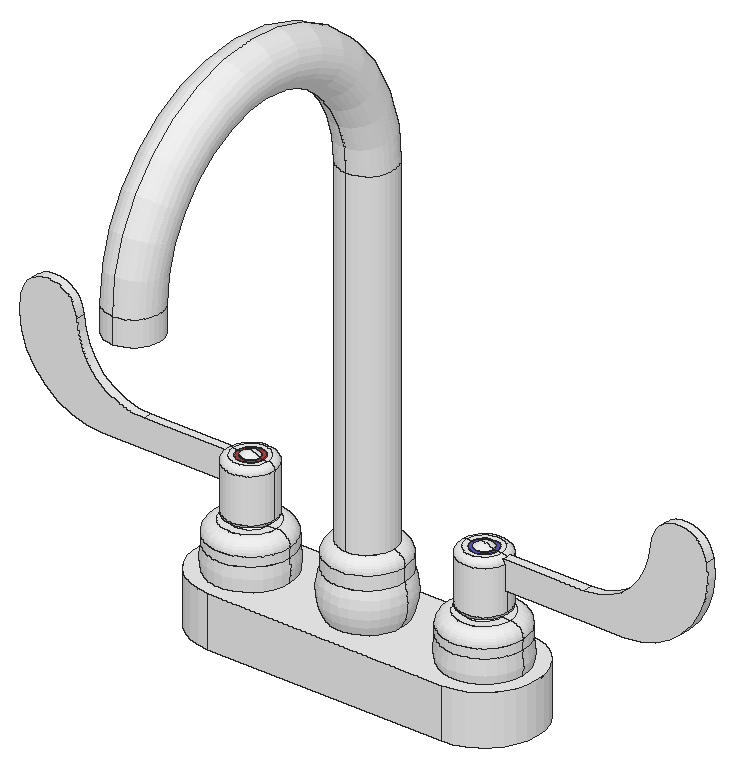
Revit family "Faucet-Centerset-American_Standard-Monterrey-7500.180.002", category Plumbing Fixtures, Revit 2018
Family settings
  Round Connector Dimension = Use Diameter
  Part Type = Normal
  OmniClass Number = 23.45.55.17
  OmniClass Title = Mixing Faucets
  Work Plane-Based = Yes
  Always vertical = No
  Cut with Voids When Loaded = No
  Shared = Yes
  Room Calculation Point = No
Parameters (values of type "7500.180.002")
  Width = 11 3/4"  # constant formula
  Waste Connection = no
  Warranty Information = "Commercial 2-yr Limited Warranty"
  WFU = 2  # constant formula
  Vent Connection = no
  URL = "http://www.americanstandard-us.com"
  Spout Reach = 5"  # constant formula
  Revised Date = "05/03/2021"  # constant formula
  Product Page URL = "https://www.americanstandard-us.com/bathroom/commercial-faucets/monterrey-4-inch-centerset-gooseneck-faucet-15-gpm-laminar-flow-in-spout-base-5-inch-spout-rea-20457"
  Product Documentation Link = "https://americanstandard.box.com/shared/static/5osftymzpkuj8q70a78a1f13iwms98eu.pdf"
  Price = "Prices may vary. Please consult Manufacturer Representative for most up-to-date price list."  # constant formula
  Model = "7500.180.002"
  Material = "Cast Brass-American Standard-002-Polished Chrome"
  Manufacturer = "American Standard"  # constant formula
  Length = 6 3/8"  # constant formula
  Installation Type = "Deck Mounted"  # constant formula
  IAPMO Compliance = "Product meet or exceeds ANSI 117.1 , ASME A112.18.1, CSA B 125, NSF 372"  # constant formula
  Hot Water Connection Diameter = 1/2"  # constant formula
  Height = 10 3/4"  # constant formula
  HWFU = 1.5  # constant formula
  HW Connection = yes
  Flow Rate = "1.5 gpm (5.7lpm)"
  Finish = Cast Brass-American Standard-002-Polished Chrome
  Description = "Monterrey 4 Inch Centerset Gooseneck Faucet, 1.5 gpm Laminar Flow in Spout Base, 5 Inch Spout Reach"  # constant formula
  Default Elevation = 0"
  Creation Date = "09/23/2021"  # constant formula
  Cold Water Connection Diameter = 1/2"  # constant formula
  CWFU = 1.5  # constant formula
  CW Connection = yes
  Assembly Code = "D2020300"
  ADA Compliant = yes
  -L10 1.0 gpm (3.8 Lpm) PCA Non-Aerated Laminar Flow Outlet = no
Reference planes (in)
  plane 1 "Center (Front/Back)": y = 0
  plane 2: z = 0
  plane 3 "Center (Left/Right)": x = 0
  plane 4: x = -2
  plane 5: x = 2
  plane 6: x = -2.90625
  plane 7: x = 2.90625
  plane 8: y = 0.90625
  plane 9: y = -0.90625
  plane 10: x = -5.875
  plane 11: x = 5.875
  plane 12: z = 7.375
  plane 13: z = 10.75
  plane 14: y = -5
  plane 15: y = -5.46875
Forms (in)
  Extrusion 1, solid, material "Cast Brass-American Standard-002-Polished Chrome" <- "Finish", not visible
    sketch origin (0, 0, 0) x (1, 0, 0) y (0, 1, 0)
      loop
        circle (-2, 0) r 0.1875
      loop
        circle (2, 0) r 0.1875
    from 0 to 0.0625
  Extrusion 2, solid, material "Cast Brass-American Standard-002-Polished Chrome" <- "Finish"
    sketch origin (0, 0, 0) x (1, 0, 0) y (0, 1, 0)
      loop
        arc (-1.99741, 0.90625) -> (-2.90366, 0) -> (-1.99741, -0.90625) r 0.90625
        line (-1.99741, -0.90625) -> (2.00101, -0.90625)
        arc (2.00101, -0.90625) -> (2.90726, 0) -> (2.00101, 0.90625) r 0.90625
        line (2.00101, 0.90625) -> (-1.99741, 0.90625)
    from 0 to 0.85408
  Revolve 3, solid, material "Cast Brass-American Standard-002-Polished Chrome" <- "Finish"
    sketch origin (0, 0, 0) x (1, 0, 0) y (0, 0, 1)
      loop
        line (0, 0.6494) -> (0, 2) -> (-0.42788, 2)
        arc (-0.42788, 2) -> (-0.57822, 1.93773) -> (-0.64049, 1.78739) r 0.21261
        line (-0.64049, 1.78739) -> (-0.64049, 1.56166)
        arc (-0.64049, 1.56166) -> (-0.67961, 1.0766) -> (-0.44658, 0.6494) r 0.85112
        line (-0.44658, 0.6494) -> (0, 0.6494)
      axis (0, 0.6494) -> (0, 2)
    angle from 0 to 360
  Revolve 4, solid, material "Cast Brass-American Standard-002-Polished Chrome" <- "Finish"
    sketch origin (0, 0, 0) x (1, 0, 0) y (0, 0, 1)
      loop
        arc (-2.66962, 1.23822) -> (-2.67272, 0.84088) -> (-2.56022, 0.4598) r 1.35234
        line (-2.56022, 0.4598) -> (-2, 0.4598) -> (-2, 2.65775)
        arc (-2, 2.65775) -> (-2.08242, 2.63785) -> (-2.15203, 2.58943) r 0.22996
        line (-2.15203, 2.58943) -> (-2.15203, 2.5483) -> (-2.21896, 2.5483) -> (-2.21896, 2.58943) -> (-2.30405, 2.58943)
        arc (-2.30405, 2.58943) -> (-2.38083, 2.55762) -> (-2.41264, 2.48084) r 0.10859
        line (-2.41264, 2.48084) -> (-2.41264, 1.72789)
        arc (-2.41264, 1.72789) -> (-2.40154, 1.7011) -> (-2.37475, 1.69) r 0.03789
        line (-2.37475, 1.69) -> (-2.22198, 1.69) -> (-2.3028, 1.60918) -> (-2.45285, 1.60918)
        arc (-2.45285, 1.60918) -> (-2.60613, 1.54569) -> (-2.66962, 1.39241) r 0.21677
        line (-2.66962, 1.39241) -> (-2.66962, 1.23822)
      axis (-2, 0.4598) -> (-2, 2.65775)
    angle from 0 to 360
  Extrusion 5, solid, material "Cast Brass-American Standard-002-Polished Chrome" <- "Finish"
    sketch origin (0, 0, 0) x (1, 0, 0) y (0, 0, 1)
      loop
        line (-2, 2.5626) -> (-3.76385, 2.5626)
        arc (-3.76385, 2.5626) -> (-4.56318, 2.88517) -> (-4.91474, 3.67219) r 1.15166
        arc (-4.91474, 3.67219) -> (-5.36571, 4.13305) -> (-5.86718, 3.72771) r 0.47918
        arc (-5.86718, 3.72771) -> (-5.54118, 2.58523) -> (-4.46173, 2.08893) r 1.42206
        line (-4.46173, 2.08893) -> (-2, 2.08893) -> (-2, 2.5626)
      loop
        line (2, 2.5626) -> (2, 2.08893) -> (4.46173, 2.08893)
        arc (4.46173, 2.08893) -> (5.54118, 2.58523) -> (5.86718, 3.72771) r 1.42206
        arc (5.86718, 3.72771) -> (5.36571, 4.13305) -> (4.91474, 3.67219) r 0.47918
        arc (4.91474, 3.67219) -> (4.56318, 2.88517) -> (3.76385, 2.5626) r 1.15166
        line (3.76385, 2.5626) -> (2, 2.5626)
    from -0.07481 to 0.07481
  Sweep 6, solid, material "Cast Brass-American Standard-002-Polished Chrome" <- "Finish"
    path origin (0, 0, 0) x (0, 1, 0) y (0, 0, 1)
      loop
        line (0, 0.5) -> (0, 7.80322)
        arc (0, 7.80322) -> (-2.5, 10.30322) -> (-5, 7.80322) r 2.5
        line (-5, 7.80322) -> (-5, 7.375)
    profile origin (0, 0, 4.15161) x (0, -1, 0) y (1, 0, 0)
      loop
        circle (0, 0) r 0.45058
  Revolve 7, solid, material "Plastic-American Standard-Red"
    sketch origin (0, 0, 0) x (1, 0, 0) y (0, 0, 1)
      loop
        line (-2.21896, 2.58943) -> (-2.21896, 2.5483) -> (-2, 2.5483) -> (-2, 2.58943) -> (-2.21896, 2.58943)
      axis (-2, 2.58943) -> (-2, 2.5483)
    angle from 0 to 360
  Revolve 8, solid, material "Cast Brass-American Standard-002-Polished Chrome" <- "Finish"
    sketch origin (0, 0, 0) x (-1, 0, 0) y (0, 0, 1)
      loop
        arc (-2.66962, 1.23822) -> (-2.67272, 0.84088) -> (-2.56022, 0.4598) r 1.35234
        line (-2.56022, 0.4598) -> (-2, 0.4598) -> (-2, 2.65775)
        arc (-2, 2.65775) -> (-2.08242, 2.63785) -> (-2.15203, 2.58943) r 0.22996
        line (-2.15203, 2.58943) -> (-2.15203, 2.5483) -> (-2.21896, 2.5483) -> (-2.21896, 2.58943) -> (-2.30405, 2.58943)
        arc (-2.30405, 2.58943) -> (-2.38083, 2.55762) -> (-2.41264, 2.48084) r 0.10859
        line (-2.41264, 2.48084) -> (-2.41264, 1.72789)
        arc (-2.41264, 1.72789) -> (-2.40154, 1.7011) -> (-2.37475, 1.69) r 0.03789
        line (-2.37475, 1.69) -> (-2.22198, 1.69) -> (-2.3028, 1.60918) -> (-2.45285, 1.60918)
        arc (-2.45285, 1.60918) -> (-2.60613, 1.54569) -> (-2.66962, 1.39241) r 0.21677
        line (-2.66962, 1.39241) -> (-2.66962, 1.23822)
      axis (-2, 0.4598) -> (-2, 2.65775)
    angle from 0 to 360
  Revolve 9, solid, material "Plastic-American Standard-Blue"
    sketch origin (0, 0, 0) x (-1, 0, 0) y (0, 0, 1)
      loop
        line (-2.21896, 2.58943) -> (-2.21896, 2.5483) -> (-2, 2.5483) -> (-2, 2.58943) -> (-2.21896, 2.58943)
      axis (-2, 2.58943) -> (-2, 2.5483)
    angle from 0 to 360
Cuts and joins
  joined: Extrusion 2, Revolve 3, Revolve 4, Extrusion 5, Sweep 6
Lines and regions (in)
  Masking region 1
    outline origin (0, 0, 0) x (1, 0, 0) y (0, 1, 0)
      loop
        line (2.00169, 0.90245) -> (-1.99643, 0.90245)
        arc (-1.99643, 0.90245) -> (-2.60739, 0.66403) -> (-2.89539, 0.07481) r 0.90204
        line (-2.89539, 0.07481) -> (-5.875, 0.07481) -> (-5.875, -0.07481) -> (-2.89593, -0.07481)
        arc (-2.89593, -0.07481) -> (-2.61016, -0.66652) -> (-1.9984, -0.90636) r 0.90015
        line (-1.9984, -0.90636) -> (-0.45024, -0.90636) -> (-0.45024, -4.99104)
        arc (-0.45024, -4.99104) -> (0, -5.44127) -> (0.45024, -4.99104) r 0.45024
        line (0.45024, -4.99104) -> (0.45024, -0.90636) -> (1.99639, -0.90636)
        arc (1.99639, -0.90636) -> (2.61355, -0.66728) -> (2.90858, -0.07481) r 0.9161
        line (2.90858, -0.07481) -> (5.875, -0.07481) -> (5.875, 0.07481) -> (2.91005, 0.07481)
        arc (2.91005, 0.07481) -> (2.61612, 0.66451) -> (2.00169, 0.90245) r 0.9123
  symbolic lines, detail levels fine
    curve 1: arc (-2.67035, -0.07481, 0) -> (-1.32549, 0, 0) -> (-2.67035, 0.07481, 0) r 0.67451
    curve 5: arc (2.67035, -0.07481, 0) -> (1.32549, 0, 0) -> (2.67035, 0.07481, 0) r 0.67451
    curve 9: arc (-0.45024, -0.45554, 0) -> (0, 0.64049, 0) -> (0.45024, -0.45554, 0) r 0.64049
    curve 14: circle (2, 0, 0) r 0.3028 normal (0, 0, 1)
    curve 15: circle (-2, 0, 0) r 0.3028 normal (0, 0, 1)
  symbolic lines, detail levels medium+fine
    curve 2: line (-2.89539, 0.07481, 0) -> (-2.40755, 0.07481, 0)
    curve 3: line (-2.89495, -0.07481, 0) -> (-2.40755, -0.07481, 0)
    curve 4: circle (-2, 0, 0) r 0.41436 normal (0, 0, 1)
    curve 6: line (2.91005, 0.07481, 0) -> (2.40755, 0.07481, 0)
    curve 7: line (2.90858, -0.07481, 0) -> (2.40755, -0.07481, 0)
    curve 8: circle (2, 0, 0) r 0.41436 normal (0, 0, -1)
    curve 10: line (-0.45024, -0.90636, 0) -> (-0.45024, -0.00236, 0)
    curve 11: line (0.45024, -0.90636, 0) -> (0.45024, -0.00236, 0)
    curve 12: arc (-0.45024, -0.00236, 0) -> (0, 0.44788, 0) -> (0.45024, -0.00236, 0) r 0.45024
    curve 13: arc (0.45024, -0.51893, 0) -> (-0.00534, 0.7006, 0) -> (-0.45024, -0.52287, 0) r 0.69373
Dimensions and locks (in)
  equal spacing: plane 4, plane 3 "Center (Left/Right)", plane 5
  plane 4 to plane 5 = 4"
  equal spacing: plane 6, plane 3 "Center (Left/Right)", plane 7
  locked: plane 6 to plane 7 at 5.8125
  equal spacing: plane 8, plane 1 "Center (Front/Back)", plane 9
  locked: plane 8 to plane 9 at 1.8125
  equal spacing: Extrusion 5, plane 1 "Center (Front/Back)", Extrusion 5
  locked: Extrusion 5 to Extrusion 5 at 0.14962
  equal spacing: plane 10, plane 3 "Center (Left/Right)", plane 11
  "Width": plane 10 to plane 11
  plane 12 to level = 7 3/8"
  "Height": plane 13 to level
  "Spout Reach": plane 1 "Center (Front/Back)" to plane 14
  "Length": plane 15 to plane 8
  aligned and locked: plane 2 to level
  aligned and locked: plane 4 to Revolve 7 sketch curve
  aligned and locked: plane 5 to Revolve 8 sketch curve
Automatic sketch dimensions
  curve 1 to curve 4 = 0"  (x2)
  curve 1 to curve 15 = 0"  (x2)
  curve 4 to curve 15 = 0"  (x2)
  curve 5 to curve 8 = 0"  (x2)
  curve 5 to curve 14 = 0"  (x2)
  curve 8 to curve 14 = 0"  (x2)
  plane 1 "Center (Front/Back)" to curve 1 = 0"
  curve 1 to plane 4 = 0"
  plane 1 "Center (Front/Back)" to curve 9 = 0"
  curve 9 to plane 3 "Center (Left/Right)" = 0"
  curve 12 to plane 3 "Center (Left/Right)" = 0"
  plane 1 "Center (Front/Back)" to curve 5 = 0"
  curve 5 to plane 5 = 0"
  plane 1 "Center (Front/Back)" to curve 10 = 0.00236"
  curve 10 to curve 12 = 0.45024"
  curve 13 to plane 3 "Center (Left/Right)" = 0.00231"
  curve 13 to plane 1 "Center (Front/Back)" = 0.00687"
  plane 1 "Center (Front/Back)" to curve 3 = 0.07481"
  plane 4 to curve 3 = 0.40755"
  curve 2 to plane 1 "Center (Front/Back)" = 0.07481"
  curve 1 to plane 6 = 0.2359"
  curve 3 to plane 6 = 0.0113"
  curve 2 to plane 6 = 0.01086"
  curve 6 to plane 1 "Center (Front/Back)" = 0.07481"
  plane 5 to curve 6 = 0.40755"
  plane 1 "Center (Front/Back)" to curve 7 = 0.07481"
  curve 5 to plane 7 = 0.2359"
  plane 7 to curve 7 = 0.00233"
  plane 7 to curve 6 = 0.0038"
  curve 9 to plane 9 = 0.45071"
  curve 13 to curve 9 = 0.06339"
  plane 9 to curve 10 = 0.00011"
  plane 9 to curve 11 = 0.00011"
  plane 1 "Center (Front/Back)" to Extrusion 1 sketch curve = 0"  (x2)
  Extrusion 1 sketch curve to plane 4 = 0"
  Extrusion 1 sketch curve to plane 5 = 0"
  Extrusion 2 sketch curve to plane 8 = 0"
  plane 9 to Extrusion 2 sketch curve = 0"
  Extrusion 2 sketch curve to plane 4 = 0.00259"
  plane 5 to Extrusion 2 sketch curve = 0.00101"
  Revolve 3 sketch curve to plane 3 "Center (Left/Right)" = 0"  (x2)
  Revolve 3 sketch curve to Revolve 3 sketch curve = 0.42788"
  Revolve 3 sketch curve to Revolve 3 sketch curve = 0.44658"
  Revolve 3 sketch curve to Revolve 3 sketch curve = 0.21261"
  plane 3 "Center (Left/Right)" to Revolve 3 sketch curve = 0.15291"
  level to Revolve 3 sketch curve = 0.6494"
  Revolve 3 sketch curve to Revolve 3 sketch curve = 0.60417"
  Revolve 3 sketch curve to Revolve 3 sketch curve = 0.22573"
  Revolve 3 sketch curve to Revolve 3 sketch curve = 0.00886"
  Revolve 3 sketch curve to Revolve 3 sketch curve = 0.76242"
  plane 4 to Revolve 4 sketch curve = 0"  (x2)
  plane 4 to Revolve 4 sketch curve = 0.15203"
  Revolve 4 sketch curve to Revolve 4 sketch curve = 0.06693"
  plane 4 to Revolve 4 sketch curve = 0.22198"
  Revolve 4 sketch curve to Revolve 4 sketch curve = 0.08082"  (x2)
  Revolve 4 sketch curve to Revolve 4 sketch curve = 0.08509"
  Revolve 4 sketch curve to Revolve 4 sketch curve = 0.07195"
  Revolve 4 sketch curve to Revolve 4 sketch curve = 0.03789"
  Revolve 4 sketch curve to Revolve 4 sketch curve = 0.0781"
  Revolve 4 sketch curve to plane 6 = 0.34603"
  Revolve 4 sketch curve to plane 6 = 0.23663"
  Revolve 4 sketch curve to plane 4 = 0.01184"
  Revolve 4 sketch curve to plane 4 = 0.66645"
  level to Revolve 4 sketch curve = 0.4598"
  Revolve 4 sketch curve to Revolve 4 sketch curve = 0.56929"
  Revolve 4 sketch curve to Revolve 4 sketch curve = 0.15419"
  Revolve 4 sketch curve to Revolve 4 sketch curve = 0.73809"
  Revolve 4 sketch curve to Revolve 4 sketch curve = 0.05275"
  Revolve 4 sketch curve to Revolve 4 sketch curve = 0.04113"  (x2)
  Revolve 4 sketch curve to Revolve 4 sketch curve = 0.08867"
  Revolve 4 sketch curve to Revolve 4 sketch curve = 0.06275"
  plane 4 to Extrusion 5 sketch curve = 0"
  Extrusion 5 sketch curve to plane 5 = 0"
  plane 6 to Extrusion 5 sketch curve = 0.8576"
  Extrusion 5 sketch curve to Extrusion 5 sketch curve = 0.69788"  (x2)
  Extrusion 5 sketch curve to plane 10 = 0.4814"
  plane 7 to Extrusion 5 sketch curve = 0.8576"
  Extrusion 5 sketch curve to plane 11 = 0.4814"
  level to Extrusion 5 sketch curve = 2.08893"  (x2)
  Extrusion 5 sketch curve to Extrusion 5 sketch curve = 0.47366"  (x2)
  Extrusion 5 sketch curve to Extrusion 5 sketch curve = 0.94839"  (x2)
  Extrusion 5 sketch curve to Extrusion 5 sketch curve = 0.14369"  (x2)
  Extrusion 5 sketch curve to Extrusion 5 sketch curve = 0.20327"  (x2)
  Extrusion 5 sketch curve to Extrusion 5 sketch curve = 0"  (x2)
  Sweep 6 sketch curve to plane 14 = 0"
  Sweep 6 sketch curve to plane 1 "Center (Front/Back)" = 0"
  Sweep 6 sketch curve to plane 12 = 0"
  Sweep 6 sketch curve to Sweep 6 sketch curve = 0.42822"
  level to Sweep 6 sketch curve = 1/2"
  Sweep 6 sketch curve to profile plane = 0"  (x2)
  Masking region 1 sketch curve to plane 10 = 0"
  Masking region 1 sketch curve to plane 3 "Center (Left/Right)" = 0"
  Masking region 1 sketch curve to plane 11 = 0"
  Masking region 1 sketch curve to plane 6 = 0.01032"
  Masking region 1 sketch curve to plane 6 = 0.01086"
  plane 9 to Masking region 1 sketch curve = 0.00011"  (x2)
  Masking region 1 sketch curve to plane 4 = 0.0016"
  Masking region 1 sketch curve to plane 1 "Center (Front/Back)" = 0.00041"
  Masking region 1 sketch curve to plane 4 = 0.00357"
  Masking region 1 sketch curve to plane 3 "Center (Left/Right)" = 0.45024"
  Masking region 1 sketch curve to plane 5 = 0.00361"
  plane 5 to Masking region 1 sketch curve = 0.00169"
  plane 7 to Masking region 1 sketch curve = 0.00233"
  plane 7 to Masking region 1 sketch curve = 0.0038"
  plane 14 to Masking region 1 sketch curve = 0.00896"
  plane 1 "Center (Front/Back)" to Masking region 1 sketch curve = 0.07481"  (x2)
  plane 1 "Center (Front/Back)" to Masking region 1 sketch curve = 0.00985"
  Masking region 1 sketch curve to plane 1 "Center (Front/Back)" = 0.07481"
  plane 4 to Revolve 7 sketch curve = 0"
  Revolve 7 sketch curve to Revolve 7 sketch curve = 0.21896"
  level to Revolve 7 sketch curve = 2.5483"
  Revolve 7 sketch curve to Revolve 7 sketch curve = 0.04113"
  Revolve 7 sketch curve to Revolve 7 sketch curve = 0.31674"
  Revolve 7 sketch curve to Revolve 7 sketch curve = 0.29015"
  Revolve 8 sketch curve to plane 5 = 0"
  Revolve 8 sketch curve to plane 5 = 0.15203"
  Revolve 8 sketch curve to Revolve 8 sketch curve = 0.06693"
  Revolve 8 sketch curve to plane 5 = 0.22198"
  Revolve 8 sketch curve to Revolve 8 sketch curve = 0.08082"  (x2)
  Revolve 8 sketch curve to Revolve 8 sketch curve = 0.08509"
  Revolve 8 sketch curve to Revolve 8 sketch curve = 0.07195"
  Revolve 8 sketch curve to Revolve 8 sketch curve = 0.03789"
  Revolve 8 sketch curve to Revolve 8 sketch curve = 0.0781"
  plane 7 to Revolve 8 sketch curve = 0.34603"
  plane 7 to Revolve 8 sketch curve = 0.23663"
  plane 5 to Revolve 8 sketch curve = 0.01184"
  plane 5 to Revolve 8 sketch curve = 0.66645"
  Revolve 8 sketch curve to level = 0.4598"
  Revolve 8 sketch curve to Revolve 8 sketch curve = 0.56929"
  Revolve 8 sketch curve to Revolve 8 sketch curve = 0.15419"
  Revolve 8 sketch curve to Revolve 8 sketch curve = 0.73809"
  Revolve 8 sketch curve to Revolve 8 sketch curve = 0.05275"
  Revolve 8 sketch curve to Revolve 8 sketch curve = 0.04113"  (x2)
  Revolve 8 sketch curve to Revolve 8 sketch curve = 0.08867"
  Revolve 8 sketch curve to Revolve 8 sketch curve = 0.06275"
  Revolve 9 sketch curve to plane 5 = 0"  (x2)
  Revolve 9 sketch curve to plane 5 = 0.21896"
  Revolve 9 sketch curve to level = 2.5483"
  Revolve 9 sketch curve to Revolve 9 sketch curve = 0.04113"
  Revolve 9 sketch curve to Revolve 9 sketch curve = 0.31674"
  Revolve 9 sketch curve to Revolve 9 sketch curve = 0.29015"
  radius of curve 14 = 0.3028"
  radius of curve 15 = 0.3028"
  radius of Extrusion 1 sketch curve = 3/16"  (x2)
  radius of Sweep 6 sketch curve = 0.45058"
Connectors (in)
  piping at (2, 0, 0), diameter 0.5, driven by "CWFU", driven by "Cold Water Connection Diameter"
    settings: on Extrusion 1, index 1, connector inside diameter 24", connector length 0", flow factor 0, pipe flow 0 GPM, pressure drop 0.00 psi, fitting loss kfactor 0, connector angle 0.00°, fixture units 1.5, engagement length 0", angle of deflection 0.00°, flow configuration 3, flow direction 1, fitting loss method 0, system type 20, joint type 0, gender type 0, connector reference index -1, connector utility 0, adjustable connector no, is connector primary yes, connector description "1/2\" CW Inlet Supply"
  piping at (-2, 0, 0), diameter 0.5, driven by "Hot Water Connection Diameter", driven by "HWFU"
    settings: on Extrusion 1, index 2, connector inside diameter 24", connector length 0", flow factor 0, pipe flow 0 GPM, pressure drop 0.00 psi, fitting loss kfactor 0, connector angle 0.00°, fixture units 1.5, engagement length 0", angle of deflection 0.00°, flow configuration 3, flow direction 1, fitting loss method 0, system type 19, joint type 0, gender type 0, connector reference index -1, connector utility 0, adjustable connector no, is connector primary no, connector description "1/2\" HW Inlet Supply"
